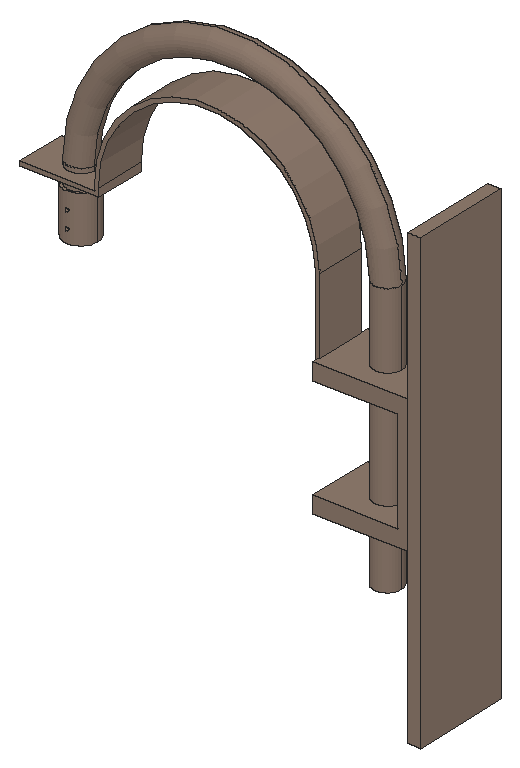
Revit family "WM231", category Generic Models, Revit 2014
Parameters
  WALL MOUNT = Bronze, Architectural
  COUPLING = Bronze, Architectural
  ARM = Bronze, Architectural
Reference planes (in)
  plane 1 "Center (Front/Back)": y = 0
  plane 2: z = 0
  plane 3 "Center (Left/Right)": x = 0
  plane 4: y = 2.5625
  plane 5: y = -2.5625
Forms (in)
  Extrusion 1, solid, material "Bronze, Architectural" <- "ARM"
    sketch origin (2.17188, 0, -0.07812) x (1, 0, 0) y (0, 0, 1)
      loop
        line (-9.23863, 36.94859) -> (-9.23863, 35.94859) -> (-4.23863, 35.94859) -> (-4.23863, 29.94859) -> (-9.23863, 29.94859) -> (-9.23863, 28.94859) -> (-3.23863, 28.94859) -> (-3.23863, 36.94859) -> (-9.23863, 36.94859)
    from -2 to 2
  Extrusion 2, solid, material "Bronze, Architectural" <- "ARM"
    sketch origin (2.17188, 0, -0.07812) x (1, 0, 0) y (0, 0, 1)
      loop
        line (-9.48863, 35.94859) -> (-9.23863, 35.94859) -> (-9.23863, 41.37116)
        arc (-9.23863, 41.37116) -> (-15.84672, 47.97925) -> (-22.45481, 41.37116) r 6.60809
        line (-22.45481, 41.37116) -> (-22.45481, 41.12681) -> (-26.83639, 41.12681) -> (-26.83639, 40.87681) -> (-22.20481, 40.87681) -> (-22.20481, 41.37116)
        arc (-22.20481, 41.37116) -> (-15.84672, 47.72925) -> (-9.48863, 41.37116) r 6.35809
        line (-9.48863, 41.37116) -> (-9.48863, 35.94859)
    from -1.52329 to 1.52329
  Revolve 3, solid, material "Bronze, Architectural" <- "ARM"
    sketch origin (2.17188, 0, -0.07812) x (1, 0, 0) y (0, 0, 1)
      loop
        line (-7.30172, 25.37116) -> (-6.47172, 25.37116) -> (-6.47172, 41.37116) -> (-7.30172, 41.37116) -> (-7.30172, 25.37116)
      axis (-6.47172, 41.37116) -> (-6.47172, 25.37116)
    angle from 0 to 360
  Sweep 4, solid, material "Bronze, Architectural" <- "ARM"
    path origin (2.17188, 0, -0.07812) x (1, 0, 0) y (0, 0, 1)
      loop
        arc (-6.47172, 41.37116) -> (-15.47172, 50.37116) -> (-24.47172, 41.37116) r 9
    profile origin (-13.29985, 0, 50.29304) x (0, 0, -1) y (0, -1, 0)
      loop
        circle (0, 0) r 0.82813
  Revolve 5, solid, material "Bronze, Architectural" <- "COUPLING"
    sketch origin (2.17188, 0, -0.07812) x (1, 0, 0) y (0, 0, 1)
      loop
        line (-25.30172, 40.15064) -> (-25.47172, 40.15064) -> (-25.47172, 37.40064) -> (-24.47172, 37.40064) -> (-24.47172, 41.40064) -> (-25.30172, 41.40064) -> (-25.30172, 40.15064)
      axis (-24.47172, 41.40064) -> (-24.47172, 37.40064)
    angle from 0 to 360
  Revolve 6, void
    sketch origin (0, 0, 0) x (1, 0, 0) y (0, 0, 1)
      loop
        line (-23.17485, 37.32252) -> (-22.29985, 37.32252) -> (-22.29985, 39.82252) -> (-23.17485, 39.82252) -> (-23.17485, 37.32252)
      axis (-22.29985, 37.32252) -> (-22.29985, 39.82252)
    angle from 0 to 360
  Extrusion 7, void
    sketch origin (0, 0, 0) x (1, 0, 0) y (0, 0, 1)
      loop
        circle (-22.29985, 39.07252) r 0.125
      loop
        circle (-22.29985, 38.07252) r 0.125
    from -1.04556 to 1.03515
  Extrusion 8, solid, material "Bronze, Architectural" <- "WALL MOUNT"
    sketch origin (0, 0, 0) x (1, 0, 0) y (0, 1, 0)
      loop
        line (-0.75689, 2.9375) -> (-0.75689, -2.9375) -> (0, -2.9375) -> (0, 2.9375) -> (-0.75689, 2.9375)
    from 19.43334 to 46.30834
  Extrusion 9, solid, material "Bronze, Architectural" <- "WALL MOUNT"
    sketch origin (0, 0, 0) x (1, 0, 0) y (0, 1, 0)
      loop
        line (-0.75689, 2.5625) -> (-1.0625, 2.5625) -> (-1.0625, -2.5625) -> (-0.75689, -2.5625) -> (-0.75689, 2.5625)
    from 19.80834 to 45.93334
Cuts and joins
  Revolve 6, Extrusion 7 cuts Revolve 5
Dimensions and locks (in)
  aligned and locked: plane 2 to level
